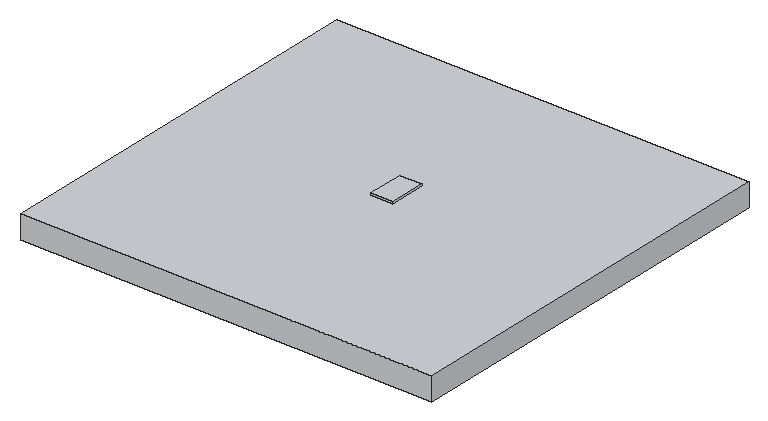
Revit family "M_Interruptor de pólo duplo", category Dispositivos de iluminação, Revit 2019
Family settings
  Hospedeiro = Face
  Manter orientação da anotação = Sim
  Cota do conector redondo = Utilizar diâmetro
  Tipo de parte = Interruptor
  Número OmniClass = 23.80.50.11.14
  Título OmniClass = Switches
  ID de item do Seek = Double Pole Switch-0000-CAN-ENU
  Corte com vazios quando carregada = Não
  Compartilhado = Não
  Ponto de cálculo do ambiente = Não
Parameters (values of type "Padrão")
  Voltagem do interruptor = 240 V
  Número de pólos do interruptor = 2
  Classificação de carga = Outros
  Legenda = "2"
  Elevação-padrão = 1200 mm
  Assembly Code = ""
  Fase de carga aparente 2 = 0 VA
  Carga aparente da fase 1 = 0 VA
Reference planes
  plane 1 "Centro (Frente/Trás)": y = 0
  plane 2: z = 0
  plane 3 "Centro (Esquerda/Direita)": x = 0
  plane 4: x = -34.925
  plane 5: x = 34.925
  plane 6: x = -19.05
  plane 7: x = 19.05
  plane 8: y = 57.15
  plane 9: y = -57.15
  plane 10: y = 38.1
  plane 11: y = -38.1
  plane 12 "nível acima": z = 4.762
  plane 13 "nível abaixo": z = -53.975
Forms (mm)
  Extrusion 1, solid
    sketch origin (0, 0, 0) x (1, 0, 0) y (0, 1, 0)
      loop
        line (-644.525, 571.5) -> (-644.525, -666.75) -> (644.525, -666.75) -> (644.525, 571.5) -> (-644.525, 571.5)
    from 0 to -72.672
  Extrusion 2, solid
    sketch origin (0, 0, 0) x (1, 0, 0) y (0, 1, 0)
      loop
        line (-34.925, 57.15) -> (-34.925, -57.15) -> (34.925, -57.15) -> (34.925, 57.15) -> (-34.925, 57.15)
    from 0 to 4.762
  Extrusion 3, solid
    sketch origin (0, 0, 0) x (1, 0, 0) y (0, 1, 0)
      loop
        line (-19.05, 38.1) -> (-19.05, -38.1) -> (19.05, -38.1) -> (19.05, 38.1) -> (-19.05, 38.1)
    from 0 to -53.975
Lines and regions (mm)
  symbolic lines, detail levels fine
    curve 1: line (-34.925, 0, 4.762) -> (34.925, 0, 4.762)
    curve 2: line (-34.925, 0, 0) -> (-34.925, 0, 4.762)
    curve 3: line (34.925, 0, 0) -> (-34.925, 0, 0)
    curve 4: line (34.925, 0, 4.762) -> (34.925, 0, 0)
    curve 5: line (-19.05, 0, -53.975) -> (19.05, 0, -53.975)
    curve 6: line (-19.05, 0, 0) -> (-19.05, 0, -53.975)
    curve 7: line (19.05, 0, -53.975) -> (19.05, 0, 0)
Dimensions and locks
  equal spacing: plane 6, plane 3 "Centro (Esquerda/Direita)", plane 7, locked at 19.05 each
  locked: plane 6 to plane 7 at 38.1
  equal spacing: plane 4, plane 3 "Centro (Esquerda/Direita)", plane 5, locked at 34.925 each
  locked: plane 4 to plane 5 at 69.85
  locked: plane 8 to plane 9 at 114.3
  locked: plane 12 "nível acima" to level at 4.763
  locked: level to plane 13 "nível abaixo" at 53.975
  locked: plane 10 to plane 11 at 76.2
  equal spacing: plane 10, plane 1 "Centro (Frente/Trás)", plane 11, locked at 38.1 each
  equal spacing: plane 8, plane 1 "Centro (Frente/Trás)", plane 9, locked at 57.15 each
  aligned and locked: plane 2 to Extrusion 1
  aligned and locked: level to Extrusion 1
  aligned and locked: plane 8 to Extrusion 2
  aligned and locked: Extrusion 2 to plane 9
  aligned and locked: plane 5 to Extrusion 2
  aligned and locked: Extrusion 2 to plane 4
  aligned and locked: Extrusion 2 to level
  aligned and locked: plane 12 "nível acima" to Extrusion 2
  aligned and locked: plane 10 to Extrusion 3
  aligned and locked: Extrusion 3 to plane 6
  aligned and locked: plane 7 to Extrusion 3
  aligned and locked: Extrusion 3 to plane 11
  aligned and locked: Extrusion 3 to level
  aligned and locked: Extrusion 3 to plane 13 "nível abaixo"
  aligned and locked: plane 3 "Centro (Esquerda/Direita)" to nested 1
  aligned and locked: plane 1 "Centro (Frente/Trás)" to nested 1
  aligned and locked: curve 1 to plane 12 "nível acima"
  aligned and locked: plane 2 to curve 3
  aligned and locked: curve 5 to plane 13 "nível abaixo"
Automatic sketch dimensions
  Extrusion 2 sketch curve to plane 4 = 0 mm
  Extrusion 2 sketch curve to plane 5 = 0 mm
  Extrusion 2 sketch curve to plane 9 = 0 mm
  Extrusion 2 sketch curve to plane 8 = 0 mm
  Extrusion 3 sketch curve to plane 6 = 0 mm
  Extrusion 3 sketch curve to plane 7 = 0 mm
  Extrusion 3 sketch curve to plane 11 = 0 mm
  Extrusion 3 sketch curve to plane 10 = 0 mm
  Extrusion 1 sketch curve to Extrusion 1 sketch curve = 1289.05 mm
  Extrusion 1 sketch curve to Extrusion 1 sketch curve = 1238.25 mm
  curve 2 to plane 4 = 0 mm
  curve 3 to plane 5 = 0 mm
  plane 4 to curve 7 = 53.975 mm
  curve 5 to curve 5 = 38.1 mm
Nested families
  nested 1: "M_Anotação do interruptor" at (0, 0, 0), type "Anotação de interruptor", detail levels coarse+medium
Connectors
  electrical at (0, 38.1, -26.988), driven by "Voltagem do interruptor", driven by "Carga aparente da fase 1", driven by "Fase de carga aparente 2", driven by "Número de pólos do interruptor", driven by "Classificação de carga"
    settings: on Extrusion 3, index 1, voltage 240 V, apparent load 0 VA, apparent load phase1 0 VA, apparent load phase2 0 VA, apparent load phase3 0 VA, power factor 1, load classification "Outros", number of poles 2, system type 31, power factor state 1, is connector primary yes, connector utility no, sub classification motor no, connector description ""
Definition of nested family "M_Anotação do interruptor"
  Parameters
    Legenda = "2"
  Reference planes
    plane 1: y = 0
    plane 2: x = 0
  Lines and regions (mm)
    detail lines
      curve 1: line (0, 3.175, 0) -> (0, 0, 0)
      curve 3: arc (0.383, 2.833, 0) -> (-0.62, 2.459, 0) -> (0, 1.587, 0) r 0.674
      curve 4: arc (0, 1.587, 0) -> (0.392, 0.545, 0) -> (-0.718, 0.631, 0) r 0.66
    reference lines
      curve 2: line (0, 1.587, 0) -> (-3.044, 1.588, 0)
      curve 5: line (2.564, -1.199, 0) -> (2.564, 2.384, 0)
      curve 6: line (2.564, -1.199, 0) -> (7.201, -1.199, 0)
      curve 7: line (2.564, 1.163, 0) -> (7.878, 1.163, 0)
  Text (mm)
    label "2" at (0.646, -0.127, 0), shows "Legenda"
  Dimensions and locks
    locked: curve 6 to curve 7 at 2.362
    locked: curve 1 to curve 5 at 2.564
    locked: curve 1 to curve 1 at 3.175
    locked: plane 1 to curve 2 at 1.588
    aligned and locked: curve 1 to curve 2
    aligned and locked: curve 3 to curve 2
    aligned and locked: curve 4 to curve 2
    aligned and locked: plane 1 to curve 1
    aligned and locked: curve 1 to plane 2
    aligned and locked: plane 2 to curve 1
